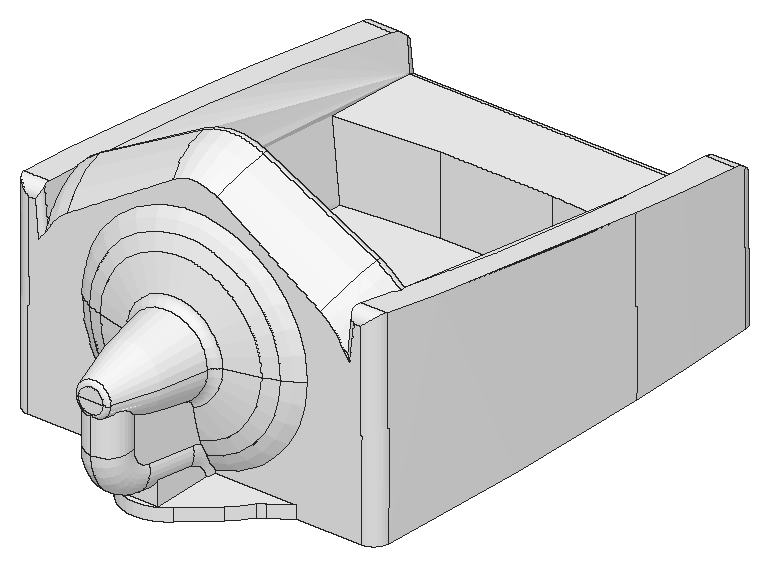
Revit family "xxxUrinal-Blowout-American_Standard-Lynbrook-6601012.020", category Plumbing Fixtures, host Face, Revit 2019
Family settings
  Host = Face
  Round Connector Dimension = Use Diameter
  Part Type = Normal
  OmniClass Number = 23.45.05.21.11.21
  OmniClass Title = Urinals
  Cut with Voids When Loaded = No
  Shared = Yes
  Room Calculation Point = No
Parameters (values of type "6601012.020")
  Width = 18 1/2"
  Waste Connection Diameter = 2"
  Waste Connection = yes
  WFU = 5
  Vent Connection = no
  URL = "https://www.americanstandard-us.com/"
  Type Comments = ""
  Revised Date = "01/04/2022"
  Recommended Working Pressure = "20 psi at valve when flushing and 80 psi static"
  Product Page URL = "https://www.americanstandard-us.com/Top-Spud-Urinals/Lynbrook-10-gpf-38-Lpf-Top-Spud-Blowout-Urinal/WHITE-6601012020"
  Product Documentation Link = "https://americanstandard.box.com/shared/static/tvemtq3ag80hv0noezhc3pn971kzt5qk.pdf"
  Price = "Prices may vary. Please consult Manufacturer Representative for most up-to-date price list."  # constant formula
  Mounting Height Constraint = if(ADA Compliant, 17", if([Mounting Height (Max. 24")] > 24", 24", [Mounting Height (Max. 24")]))  # 17"
  Mounting Height (Max. 24") = 24"
  Model = "6601012.020"
  Material = "Vitreous China-American Standard-020-White"
  Manufacturer = "American Standard"
  Length = 14"
  Installation Type = "Wall Hung"
  Height = 28 3/4"
  HWFU = 0
  HW Connection = no
  Flush Requirement = "0.7 to 1.0 GPF"
  Flush Rate = "1.0 gpf (3.8 Lpf), Low Water Usage"
  Finish = Vitreous China-American Standard-020-White
  Description = "Lynbrook™ 1.0 gpf/3.8 Lpf Top Spud Blowout Urinal"
  Default Elevation = 0"
  Creation Date = "10/21/2014"
  Cold Water Connection Width = 4 3/4"
  Cold Water Connection Height = 11 1/2"
  Cold Water Connection Diameter = 1"
  CWFU = 5
  CW Connection = yes
  Assembly Code = "D2010210"
  ASME A112.19.2M for Vitreous China Fixtures = yes
  ADA Compliant = yes
Reference planes (in)
  plane 1 "Center (Front/Back)": y = 0
  plane 2: z = 0
  plane 3 "Center (Left/Right)": x = 0
  plane 4: y = -2.75
  plane 5: y = 19.75
  plane 6: y = -9
  plane 7: x = 9.25
  plane 8: x = -9.25
  plane 9: x = -8
  plane 10: x = 8
  plane 11: z = 5.25
  plane 12: z = 14
  plane 13: z = 10
  plane 14: y = 15.5
  plane 15: z = 2.5
  plane 16: x = 4.75
  plane 17: y = 31.25
  plane 18: x = -6.625
  plane 19: x = 6.625
  plane 20: y = 0
  plane 21 "A.F.F.": y = -17
Forms (in)
  Extrusion 1, solid, material "Vitreous China-American Standard-020-White" <- "Finish"
    sketch origin (-0.00271, 4.89288, 0) x (0, 1, 0) y (0, 0, 1)
      loop
        line (14.375, 0) -> (14.375, 1.75) -> (11.88109, 1.57561)
        arc (11.88109, 1.57561) -> (4.3999, 1.33502) -> (-3.07818, 1.65812) r 99.38833
        arc (-3.07818, 1.65812) -> (-5.53198, 2.85355) -> (-6.52534, 5.39587) r 3.75
        line (-6.52534, 5.39587) -> (-6.52534, 13.78387) -> (-7.64288, 13.78387) -> (-7.64288, 0) -> (14.375, 0)
    from -7.99729 to 8.00271
  Revolve 2, solid, material "Vitreous China-American Standard-020-White" <- "Finish"
    sketch origin (-0.00271, 5.14288, 6.125) x (1, 0, 0) y (0, 1, 0)
      loop
        arc (-6, -7.16946) -> (-5.41335, -7.92325) -> (-4.61163, -8.4425) r 2.86701
        arc (-4.61163, -8.4425) -> (-4.25393, -8.58932) -> (-3.89121, -8.72325) r 10.81225
        arc (-3.89121, -8.72325) -> (-3.12442, -8.95938) -> (-2.34224, -9.138) r 10.81225
        arc (-2.34224, -9.138) -> (-2.0709, -9.28699) -> (-1.93926, -9.56717) r 0.5
        arc (-1.93926, -9.56717) -> (-1.51865, -11.80897) -> (-0.82836, -13.98293) r 18.70917
        arc (-0.82836, -13.98293) -> (-0.73654, -14.09905) -> (-0.59514, -14.14288) r 0.25
        line (-0.59514, -14.14288) -> (0, -14.14288) -> (0, -7.16946) -> (-6, -7.16946)
      axis (0, -7.16946) -> (0, -14.14288)
    angle from 0 to 360
  Extrusion 3, solid, material "Vitreous China-American Standard-020-White" <- "Finish"
    sketch origin (-0.00271, 5.375, 0) x (0, 1, 0) y (0, 0, 1)
      loop
        line (14.375, 0) -> (14.375, 4.875)
        arc (14.375, 4.875) -> (14.26517, 5.14017) -> (14, 5.25) r 0.375
        line (14, 5.25) -> (9.63453, 5.25) -> (9.63453, 0) -> (14.375, 0)
    from -8.42126 to 8.40405
  Extrusion 4, void
    sketch origin (-0.00271, 4.89288, 0) x (1, 0, 0) y (0, 1, 0)
      loop
        arc (8.00271, 10.11665) -> (5.36633, 10.3871) -> (2.72117, 10.55067) r 65.48928
        arc (2.72117, 10.55067) -> (0.00271, 10.60712) -> (-2.71575, 10.55067) r 65.48928
        arc (-2.71575, 10.55067) -> (-5.36091, 10.3871) -> (-7.99729, 10.11665) r 65.48928
        line (-7.99729, 10.11665) -> (8.00271, 10.11665)
    from 0 to 5.59961
  Sweep 5, solid, material "Vitreous China-American Standard-020-White" <- "Finish"
    path origin (-0.00271, 5.6297, 0.40625) x (0, 1, 0) y (0, 0, 1)
      loop
        line (-13.62946, 5.73897) -> (-13.62946, 3.34606)
        arc (-13.62946, 3.34606) -> (-13.26153, 2.36197) -> (-12.33822, 1.86065) r 1.5
        line (-12.33822, 1.86065) -> (-9.67094, 1.48579)
        arc (-9.67094, 1.48579) -> (-8.74764, 0.98448) -> (-8.3797, 0.00039) r 1.5
        line (-8.3797, 0.00039) -> (-8.3797, -0.90625)
    profile origin (-0.00271, -5.37488, 2.07947) x (0, 0.139173, 0.990268) y (1, 0, 0)
      loop
        circle (0, 0) r 1
  Extrusion 6, void
    sketch origin (-26.6886, 34.67716, -0.1875) x (1, 0, 0) y (0, 0, 1)
      loop
        line (35.56089, 6.25747) -> (35.56089, 15.16261) -> (17.77338, 15.16261) -> (17.77338, 6.25747) -> (18.25178, 6.25747)
        arc (18.25178, 6.25747) -> (19.25493, 8.0547) -> (20.8254, 9.3851) r 5.76613
        line (20.8254, 9.3851) -> (26.0267, 12.38663)
        arc (26.0267, 12.38663) -> (26.6886, 12.56391) -> (27.3505, 12.38663) r 1.32428
        line (27.3505, 12.38663) -> (32.5518, 9.3851)
        arc (32.5518, 9.3851) -> (34.10732, 8.05621) -> (35.08206, 6.25747) r 5.60299
        line (35.08206, 6.25747) -> (35.56089, 6.25747)
    from 12.2684 to 45.58752
  Extrusion 7, void
    sketch origin (0, 0, 0) x (0, 1, 0) y (0, 0, 1)
      loop
        arc (-2.75, 9.42394) -> (-2.55424, 9.85612) -> (-2.10026, 9.99397) r 0.57492
        line (-2.10026, 9.99397) -> (18.66267, 7.26878)
        arc (18.66267, 7.26878) -> (19.43964, 6.85378) -> (19.75, 6.02941) r 1.25
        line (19.75, 6.02941) -> (19.75, 0) -> (19.875, 0) -> (19.875, 14) -> (-5, 14) -> (-5, 0) -> (-2.75, 0) -> (-2.75, 9.42394)
    from 11.38991 to -10.45558
  Blend 8, solid, material "Vitreous China-American Standard-020-White" <- "Finish"
    base sketch origin (-60.04002, -2.54511, -0.00144) x (1, 0, 0) y (0, 1, 0)
      loop
        line (68.57395, 22.29511) -> (67.16351, 22.29511)
        arc (67.16351, 22.29511) -> (66.97985, 22.21472) -> (66.9143, 22.02526) r 0.25
        arc (66.9143, 22.02526) -> (67.27137, 11.04124) -> (66.59618, 0.07217) r 116.98972
        arc (66.59618, 0.07217) -> (66.65861, -0.12183) -> (66.84471, -0.20489) r 0.25
        line (66.84471, -0.20489) -> (68.11077, -0.20489)
        arc (68.11077, -0.20489) -> (68.62097, -0.00462) -> (68.85869, 0.48925) r 0.75
        arc (68.85869, 0.48925) -> (69.22954, 7.72231) -> (69.26278, 14.9648) r 155.30957
        arc (69.26278, 14.9648) -> (69.18341, 18.3895) -> (69.07362, 21.81335) r 385.57674
        arc (69.07362, 21.81335) -> (68.92099, 22.15505) -> (68.57395, 22.29511) r 0.5
    top sketch origin (-60.04002, -2.54511, -0.00144) x (1, 0, 0) y (0, 1, 0)
      loop
        arc (69.02658, 21.81335) -> (68.87396, 22.15505) -> (68.52691, 22.29511) r 0.5
        line (68.52691, 22.29511) -> (68.11961, 22.29511)
        arc (68.11961, 22.29511) -> (67.93601, 22.21478) -> (67.87039, 22.02543) r 0.25
        arc (67.87039, 22.02543) -> (68.22444, 11.04133) -> (67.55498, 0.07194) r 117.98972
        arc (67.55498, 0.07194) -> (67.61751, -0.12191) -> (67.80353, -0.20489) r 0.25
        line (67.80353, -0.20489) -> (68.06374, -0.20489)
        arc (68.06374, -0.20489) -> (68.57393, -0.00462) -> (68.81165, 0.48925) r 0.75
        arc (68.81165, 0.48925) -> (69.1825, 7.72231) -> (69.21574, 14.9648) r 155.30957
        arc (69.21574, 14.9648) -> (69.13637, 18.3895) -> (69.02658, 21.81335) r 385.57674
    from 0.00144 to 10.38715
  Sweep 9, solid, material "Vitreous China-American Standard-020-White" <- "Finish"
    path origin (0, 1.40705, 0.12545) x (1, 0, 0) y (0, -0.104528, 0.994522)
      loop
        line (8.93347, 5.76538) -> (8.72561, 7.50299)
        arc (8.72561, 7.50299) -> (8.06816, 9.29771) -> (6.6768, 10.60821) r 4.15495
        line (6.6768, 10.60821) -> (1.48903, 13.60193)
        arc (1.48903, 13.60193) -> (0, 14.00075) -> (-1.48903, 13.60193) r 2.97914
        line (-1.48903, 13.60193) -> (-6.6768, 10.60821)
        arc (-6.6768, 10.60821) -> (-8.06816, 9.29771) -> (-8.72561, 7.50299) r 4.15495
        line (-8.72561, 7.50299) -> (-8.93347, 5.76538)
    profile origin (4.08292, 0.14172, 12.1642) x (-0.49982, 0.090535, -0.861385) y (0, -0.994522, -0.104528)
      loop
        line (1.82435, 3.66886) -> (1.57064, 3.6535)
        arc (1.57064, 3.6535) -> (0.48772, 2.17709) -> (0.01269, 0.40881) r 4.97153
        arc (0.01269, 0.40881) -> (0.10183, 0.13586) -> (0.3579, 0.00597) r 0.375
        arc (0.3579, 0.00597) -> (0.6255, 0.00525) -> (0.89029, 0.04392) r 1.81337
        arc (0.89029, 0.04392) -> (1.07757, 0.14839) -> (1.17698, 0.33842) r 0.375
        line (1.17698, 0.33842) -> (1.82435, 3.66886)
  Blend 10, void
    base sketch origin (0, 0, 0) x (1, 0, 0) y (0, 0, 1)
      loop
        arc (1.25985, 7.45341) -> (-0.00001, 8.58482) -> (-1.2613, 7.455) r 1.26805
        line (-1.2613, 7.455) -> (-1.42606, 5.95263)
        arc (-1.42606, 5.95263) -> (-1.30136, 5.5644) -> (-0.92904, 5.39813) r 0.5
        line (-0.92904, 5.39813) -> (0.92549, 5.39813)
        arc (0.92549, 5.39813) -> (1.29761, 5.56416) -> (1.42258, 5.952) r 0.5
        line (1.42258, 5.952) -> (1.25985, 7.45341)
    top sketch origin (0, 0, 0) x (1, 0, 0) y (0, 0, 1)
      loop
        circle (-0.00081, 7.31677) r 1
    from 1.63245 to 3.72931
  Extrusion 11, solid, material "Vitreous China-American Standard-020-White" <- "Finish"
    sketch origin (0, 0, 0) x (1, 0, 0) y (0, 1, 0)
      loop
        arc (-5.50483, -2.02657) -> (-4.8226, -2.81874) -> (-3.95522, -3.40237) r 3.91925
        arc (-3.95522, -3.40237) -> (-3.80678, -3.50288) -> (-3.69099, -3.63972) r 0.65785
        arc (-3.69099, -3.63972) -> (-3.3291, -4.11103) -> (-2.88929, -4.51061) r 3.33421
        arc (-2.88929, -4.51061) -> (-2.14052, -5.12557) -> (-1.44235, -5.79743) r 12.32999
        arc (-1.44235, -5.79743) -> (0, -6.41193) -> (1.44235, -5.79743) r 2
        arc (1.44235, -5.79743) -> (2.14052, -5.12557) -> (2.88929, -4.51061) r 12.32999
        arc (2.88929, -4.51061) -> (3.3291, -4.11103) -> (3.69099, -3.63972) r 3.33421
        arc (3.69099, -3.63972) -> (3.80678, -3.50288) -> (3.95522, -3.40237) r 0.65785
        arc (3.95522, -3.40237) -> (4.7802, -2.85584) -> (5.44199, -2.1201) r 3.91925
        arc (5.44199, -2.1201) -> (5.47414, -2.07342) -> (5.50604, -2.02657) r 10.29664
        line (5.50604, -2.02657) -> (-5.50483, -2.02657)
    from 0 to 0.60584
  Extrusion 12, solid, material "Vitreous China-American Standard-020-White" <- "Finish"
    sketch origin (0.2696, 4.89288, -0.34375) x (0, 1, 0) y (0, 0, 1)
      loop
        line (-10.99231, 0.34375) -> (-7.51986, 0.34375) -> (-7.51986, 7.59271) -> (-12.89265, 6.20117) -> (-12.89265, 3.91731) -> (-10.99231, 2.26537) -> (-10.99231, 0.34375)
    from -1.1696 to 0.6304
  Revolve 13, solid, material "Vitreous China-American Standard-020-White" <- "Finish"
    sketch origin (2.17692, 5.375, 2.5) x (0, 1, 0) y (-1, 0, 0)
      loop
        line (15.529, 1.55192) -> (14.375, 1.55192) -> (14.375, 1.05192) -> (14.5, 1.05192) -> (14.5, 1.17692) -> (14.654, 1.17692)
        arc (14.654, 1.17692) -> (14.74239, 1.21353) -> (14.779, 1.30192) r 0.125
        line (14.779, 1.30192) -> (14.779, 1.45592) -> (15.529, 1.45592) -> (15.529, 1.55192)
      axis (15.529, 2.17692) -> (14.375, 2.17692)
    angle from 0 to 360
  Extrusion 14, solid, material "Vitreous China-American Standard-020-White" <- "Finish", not visible
    sketch origin (0, 0, 0) x (1, 0, 0) y (0, 1, 0)
      loop
        circle (4.75, 31.25) r 0.5
    from 0 to 0.032
  Extrusion 15, void
    sketch origin (0, 0, 0) x (0, 1, 0) y (0, 0, 1)
      loop
        line (-2.75, 14) -> (-4, 14) -> (-4, 0) -> (-2.75, 0) -> (-2.75, 14)
    from -10.45558 to 11.38991
  Blend 16, solid, material "Vitreous China-American Standard-020-White" <- "Finish"
    base sketch origin (60.04002, -2.54511, -0.00144) x (-1, 0, 0) y (0, -1, 0)
      loop
        arc (68.57395, -22.29511) -> (68.92099, -22.15505) -> (69.07362, -21.81335) r 0.5
        arc (69.07362, -21.81335) -> (69.18341, -18.3895) -> (69.26278, -14.9648) r 385.57674
        arc (69.26278, -14.9648) -> (69.22954, -7.72231) -> (68.85869, -0.48925) r 155.30957
        arc (68.85869, -0.48925) -> (68.62097, 0.00462) -> (68.11077, 0.20489) r 0.75
        line (68.11077, 0.20489) -> (66.84471, 0.20489)
        arc (66.84471, 0.20489) -> (66.65861, 0.12183) -> (66.59618, -0.07217) r 0.25
        arc (66.59618, -0.07217) -> (67.27137, -11.04124) -> (66.9143, -22.02526) r 116.98972
        arc (66.9143, -22.02526) -> (66.97985, -22.21472) -> (67.16351, -22.29511) r 0.25
        line (67.16351, -22.29511) -> (68.57395, -22.29511)
    top sketch origin (60.04002, -2.54511, -0.00144) x (-1, 0, 0) y (0, -1, 0)
      loop
        arc (69.02658, -21.81335) -> (69.13637, -18.3895) -> (69.21574, -14.9648) r 385.57674
        arc (69.21574, -14.9648) -> (69.1825, -7.72231) -> (68.81165, -0.48925) r 155.30957
        arc (68.81165, -0.48925) -> (68.57393, 0.00462) -> (68.06374, 0.20489) r 0.75
        line (68.06374, 0.20489) -> (67.80353, 0.20489)
        arc (67.80353, 0.20489) -> (67.61751, 0.12191) -> (67.55498, -0.07194) r 0.25
        arc (67.55498, -0.07194) -> (68.22444, -11.04133) -> (67.87039, -22.02543) r 117.98972
        arc (67.87039, -22.02543) -> (67.93601, -22.21478) -> (68.11961, -22.29511) r 0.25
        line (68.11961, -22.29511) -> (68.52691, -22.29511)
        arc (68.52691, -22.29511) -> (68.87396, -22.15505) -> (69.02658, -21.81335) r 0.5
    from 0.00144 to 10.38715
Cuts and joins
  Extrusion 6, Blend 10 cuts Extrusion 1
  Blend 10 cuts Revolve 2
  Extrusion 4 cuts Extrusion 3
  Extrusion 7 cuts Blend 8
  Extrusion 15 cuts Sweep 9
  Blend 10 cuts Extrusion 12
  Extrusion 7 cuts Blend 16
  joined: Extrusion 1, Revolve 2, Extrusion 3, Sweep 5, Blend 8, Sweep 9, Extrusion 11, Extrusion 12, Blend 16
Lines and regions (in)
  Masking region 1
    outline origin (0, 0, 0) x (1, 0, 0) y (0, 0, 1)
      loop
        line (1.48366, 13.60866) -> (6.77255, 10.56618)
        arc (6.77255, 10.56618) -> (7.16216, 10.30475) -> (7.5189, 10) r 4.04854
        line (7.5189, 10) -> (8.8045, 10)
        spline (8.8045, 10) -> (8.87563, 9.87164) -> (8.94058, 9.74322) -> (8.99935, 9.61475) -> (9.05195, 9.48623) -> (9.09836, 9.35767) -> (9.13859, 9.22908) -> (9.17263, 9.10046) -> (9.20048, 8.97181) -> (9.22214, 8.84315) -> (9.23762, 8.71446) -> (9.2469, 8.58577) -> (9.25, 8.45708)
        line (9.25, 8.45708) -> (9.25, 0) -> (-9.25, 0) -> (-9.25, 8.47001)
        spline (-9.25, 8.47001) -> (-9.24696, 8.59762) -> (-9.23783, 8.72524) -> (-9.22261, 8.85284) -> (-9.2013, 8.98042) -> (-9.17391, 9.10799) -> (-9.14044, 9.23553) -> (-9.10088, 9.36305) -> (-9.05524, 9.49053) -> (-9.00353, 9.61797) -> (-8.94573, 9.74536) -> (-8.88186, 9.87271) -> (-8.81191, 10)
        line (-8.81191, 10) -> (-7.5189, 10)
        arc (-7.5189, 10) -> (-7.16216, 10.30475) -> (-6.77255, 10.56618) r 4.04854
        line (-6.77255, 10.56618) -> (-1.48366, 13.60866)
      loop
        arc (1.48145, 13.60482) -> (-0.00128, 14.00052) -> (-1.48366, 13.60354) r 2.97098
  symbolic lines, detail levels medium+fine
    curve 1: line (7.36731, 0, 5.25) -> (-7.36731, 0, 5.25)
    curve 2: arc (7.18074, 0, 7.16449) -> (6.79335, 0, 8.29928) -> (5.93937, 0, 9.14103) r 2.60954
    curve 3: line (7.24524, 0, 6.511) -> (7.18087, 0, 7.1645)
    curve 4: line (7.24524, 0, 6.511) -> (7.12891, 0, 5.25)
    curve 5: line (5.93937, 0, 9.14103) -> (5.20558, 0, 9.57709)
    curve 6: line (0.6619, 0, 12.19913) -> (5.20558, 0, 9.57709)
    curve 7: arc (-0.6619, 0, 12.19913) -> (0, 0, 12.37641) -> (0.6619, 0, 12.19913) r 1.32428
    curve 8: line (-5.20558, 0, 9.57709) -> (-0.6619, 0, 12.19913)
    curve 9: line (-5.20558, 0, 9.57709) -> (-5.93937, 0, 9.14103)
    curve 10: arc (-5.93937, 0, 9.14103) -> (-6.79335, 0, 8.29928) -> (-7.18074, 0, 7.16449) r 2.60954
    curve 11: line (-7.18087, 0, 7.1645) -> (-7.26011, 0, 6.36)
    curve 12: line (-7.15269, 0, 5.25) -> (-7.26011, 0, 6.36)
    curve 13: line (-0.92904, 0, 5.39813) -> (0.92549, 0, 5.39813)
    curve 14: arc (0.92549, 0, 5.39813) -> (1.29761, 0, 5.56416) -> (1.42258, 0, 5.952) r 0.5
    curve 15: line (1.42258, 0, 5.952) -> (1.25985, 0, 7.45341)
    curve 16: arc (1.25985, 0, 7.45341) -> (-0.00001, 0, 8.58482) -> (-1.2613, 0, 7.455) r 1.26805
    curve 17: line (-1.2613, 0, 7.455) -> (-1.42606, 0, 5.95263)
    curve 18: arc (-1.42606, 0, 5.95263) -> (-1.30136, 0, 5.5644) -> (-0.92904, 0, 5.39813) r 0.5
    curve 19: spline (7.71241, 0, 9.68576) -> (7.69804, 0, 9.71146) -> (7.68335, 0, 9.73716) -> (7.66833, 0, 9.76286) -> (7.65298, 0, 9.78855) -> (7.63731, 0, 9.81424) -> (7.62131, 0, 9.83993) -> (7.60498, 0, 9.86561) -> (7.58833, 0, 9.89129) -> (7.57135, 0, 9.91697) -> (7.55405, 0, 9.94264) -> (7.53642, 0, 9.96831) -> (7.51846, 0, 9.99397)
    curve 20: spline (7.60531, 0, 7.26878) -> (7.72428, 0, 7.46981) -> (7.82327, 0, 7.67101) -> (7.90227, 0, 7.87237) -> (7.96126, 0, 8.07384) -> (8.00023, 0, 8.2754) -> (8.01917, 0, 8.477) -> (8.01809, 0, 8.67862) -> (7.99699, 0, 8.88022) -> (7.95586, 0, 9.08177) -> (7.89471, 0, 9.28323) -> (7.81356, 0, 9.48457) -> (7.71241, 0, 9.68576)
    curve 21: spline (7.50074, 0, 6.80502) -> (7.51058, 0, 6.86629) -> (7.52034, 0, 6.92411) -> (7.52998, 0, 6.97825) -> (7.53947, 0, 7.02848) -> (7.54877, 0, 7.0746) -> (7.55783, 0, 7.11642) -> (7.56662, 0, 7.15377) -> (7.5751, 0, 7.1865) -> (7.58324, 0, 7.21448) -> (7.59101, 0, 7.23758) -> (7.59838, 0, 7.25572) -> (7.60531, 0, 7.26882)
    curve 22: line (7.50074, 0, 6.80502) -> (7.36731, 0, 5.25)
    curve 33: spline (-7.71241, 0, 9.68576) -> (-7.69804, 0, 9.71146) -> (-7.68335, 0, 9.73716) -> (-7.66833, 0, 9.76286) -> (-7.65298, 0, 9.78855) -> (-7.63731, 0, 9.81424) -> (-7.62131, 0, 9.83993) -> (-7.60498, 0, 9.86561) -> (-7.58833, 0, 9.89129) -> (-7.57135, 0, 9.91697) -> (-7.55405, 0, 9.94264) -> (-7.53642, 0, 9.96831) -> (-7.51846, 0, 9.99397)
    curve 34: spline (-7.60531, 0, 7.26878) -> (-7.72428, 0, 7.46981) -> (-7.82327, 0, 7.67101) -> (-7.90227, 0, 7.87237) -> (-7.96126, 0, 8.07384) -> (-8.00023, 0, 8.2754) -> (-8.01917, 0, 8.477) -> (-8.01809, 0, 8.67862) -> (-7.99699, 0, 8.88022) -> (-7.95586, 0, 9.08177) -> (-7.89471, 0, 9.28323) -> (-7.81356, 0, 9.48457) -> (-7.71241, 0, 9.68576)
    curve 35: spline (-7.50074, 0, 6.80502) -> (-7.51058, 0, 6.86629) -> (-7.52034, 0, 6.92411) -> (-7.52998, 0, 6.97825) -> (-7.53947, 0, 7.02848) -> (-7.54877, 0, 7.0746) -> (-7.55783, 0, 7.11642) -> (-7.56662, 0, 7.15377) -> (-7.5751, 0, 7.1865) -> (-7.58324, 0, 7.21448) -> (-7.59101, 0, 7.23758) -> (-7.59838, 0, 7.25572) -> (-7.60531, 0, 7.26882)
    curve 36: line (-7.50074, 0, 6.80502) -> (-7.36731, 0, 5.25)
  symbolic lines, detail levels fine
    curve 23: arc (7.66076, 0, 7.35829) -> (7.17638, 0, 8.62783) -> (6.19689, 0, 9.56962) r 3.10954
    curve 24: line (6.19689, 0, 9.56962) -> (5.45826, 0, 10.00856)
    curve 25: line (0.91181, 0, 12.63219) -> (5.45826, 0, 10.00856)
    curve 26: arc (-0.91181, 0, 12.63219) -> (0, 0, 12.87641) -> (0.91181, 0, 12.63219) r 1.82428
    curve 27: spline (7.69263, 0, 9.29888) -> (7.69577, 0, 9.33482) -> (7.69866, 0, 9.37041) -> (7.70129, 0, 9.40556) -> (7.70366, 0, 9.44016) -> (7.70575, 0, 9.47413) -> (7.70757, 0, 9.50737) -> (7.7091, 0, 9.53977) -> (7.71035, 0, 9.57126) -> (7.71131, 0, 9.60175) -> (7.71197, 0, 9.63114) -> (7.71234, 0, 9.65936) -> (7.71241, 0, 9.68632)
    curve 28: spline (7.69263, 0, 9.29888) -> (7.68597, 0, 9.22018) -> (7.67927, 0, 9.14135) -> (7.67253, 0, 9.0624) -> (7.66575, 0, 8.98335) -> (7.65893, 0, 8.9042) -> (7.65207, 0, 8.82498) -> (7.64518, 0, 8.74569) -> (7.63826, 0, 8.66635) -> (7.6313, 0, 8.58697) -> (7.6243, 0, 8.50757) -> (7.61728, 0, 8.42815) -> (7.61023, 0, 8.34874)
    curve 29: line (7.61023, 0, 8.34874) -> (7.55074, 0, 7.84129)
    curve 30: spline (9.25, 0, 8.29022) -> (9.24028, 0, 8.20508) -> (9.22947, 0, 8.11995) -> (9.21757, 0, 8.03482) -> (9.20457, 0, 7.94969) -> (9.19049, 0, 7.86456) -> (9.17531, 0, 7.77944) -> (9.15905, 0, 7.69432) -> (9.14169, 0, 7.6092) -> (9.12324, 0, 7.52409) -> (9.1037, 0, 7.43898) -> (9.08306, 0, 7.35388) -> (9.06134, 0, 7.26878)
    curve 31: line (9.06133, 0, 7.26878) -> (9.06133, 0, 0)
    curve 32: line (9.06133, 0, 7.26878) -> (7.60531, 0, 7.26878)
    curve 37: arc (-7.66076, 0, 7.35829) -> (-7.17638, 0, 8.62783) -> (-6.19689, 0, 9.56962) r 3.10954
    curve 38: line (-6.19689, 0, 9.56962) -> (-5.45826, 0, 10.00856)
    curve 39: line (-0.91181, 0, 12.63219) -> (-5.45826, 0, 10.00856)
    curve 40: spline (-7.69263, 0, 9.29888) -> (-7.69577, 0, 9.33482) -> (-7.69866, 0, 9.37041) -> (-7.70129, 0, 9.40556) -> (-7.70366, 0, 9.44016) -> (-7.70575, 0, 9.47413) -> (-7.70757, 0, 9.50737) -> (-7.7091, 0, 9.53977) -> (-7.71035, 0, 9.57126) -> (-7.71131, 0, 9.60175) -> (-7.71197, 0, 9.63114) -> (-7.71234, 0, 9.65936) -> (-7.71241, 0, 9.68632)
    curve 41: spline (-7.69263, 0, 9.29888) -> (-7.68597, 0, 9.22018) -> (-7.67927, 0, 9.14135) -> (-7.67253, 0, 9.0624) -> (-7.66575, 0, 8.98335) -> (-7.65893, 0, 8.9042) -> (-7.65207, 0, 8.82498) -> (-7.64518, 0, 8.74569) -> (-7.63826, 0, 8.66635) -> (-7.6313, 0, 8.58697) -> (-7.6243, 0, 8.50757) -> (-7.61728, 0, 8.42815) -> (-7.61023, 0, 8.34874)
    curve 42: line (-7.61023, 0, 8.34874) -> (-7.55074, 0, 7.84129)
    curve 43: spline (-9.25, 0, 8.29022) -> (-9.24028, 0, 8.20508) -> (-9.22947, 0, 8.11995) -> (-9.21757, 0, 8.03482) -> (-9.20457, 0, 7.94969) -> (-9.19049, 0, 7.86456) -> (-9.17531, 0, 7.77944) -> (-9.15905, 0, 7.69432) -> (-9.14169, 0, 7.6092) -> (-9.12324, 0, 7.52409) -> (-9.1037, 0, 7.43898) -> (-9.08306, 0, 7.35388) -> (-9.06134, 0, 7.26878)
    curve 44: line (-9.06133, 0, 7.26878) -> (-9.06133, 0, 0)
    curve 45: line (-9.06133, 0, 7.26878) -> (-7.60531, 0, 7.26878)
Dimensions and locks (in)
  plane 1 "Center (Front/Back)" to plane 5 = 19 3/4"
  "Height": plane 6 to plane 5
  plane 13 to level = 10"
  "Length": level to plane 12
  level to plane 15 = 2 1/2"
  "Width": plane 8 to plane 7
  "Cold Water Connection Width": plane 3 "Center (Left/Right)" to plane 16
  "Cold Water Connection Height": plane 17 to plane 5
  plane 4 to plane 14 = 18 1/4"
  plane 4 to plane 1 "Center (Front/Back)" = 2 3/4"
  locked: level to Sweep 5 at 0.5
  "Mounting Height Constraint": plane 20 to plane 21 "A.F.F."
  "Cold Water Connection Diameter": diameter of Extrusion 14 sketch curve
  aligned and locked: plane 2 to host face
  aligned and locked: level to host face
  aligned and locked: plane 16 to Extrusion 14 sketch curve
  aligned and locked: plane 17 to Extrusion 14 sketch curve
  aligned and locked: plane 7 to Masking region 1 sketch curve
  aligned and locked: plane 13 to Masking region 1 sketch curve
  aligned and locked: plane 8 to Masking region 1 sketch curve
  aligned and locked: host face to Masking region 1 sketch curve
  aligned and locked: plane 20 to plane 1 "Center (Front/Back)"
Automatic sketch dimensions
  curve 2 to curve 23 = 0"  (x2)
  curve 7 to curve 26 = 0"  (x2)
  curve 10 to curve 37 = 0"  (x2)
  curve 43 to plane 8 = 0"
  curve 44 to level = 0"
  curve 1 to plane 11 = 0"
  curve 7 to plane 3 "Center (Left/Right)" = 0"
  curve 31 to level = 0"
  curve 30 to plane 7 = 0"
  plane 8 to curve 45 = 0.18867"
  plane 9 to curve 42 = 0.38977"
  plane 9 to curve 45 = 0.39469"
  curve 34 to curve 36 = 0.10457"
  plane 9 to curve 1 = 0.63269"
  curve 36 to curve 11 = 0.24063"
  curve 1 to curve 12 = 0.21462"
  plane 18 to curve 38 = 0.42811"
  curve 37 to curve 9 = 0.25752"
  curve 38 to plane 13 = 0.00856"
  curve 38 to curve 38 = 0.73863"
  plane 13 to curve 9 = 0.42291"
  curve 38 to curve 9 = 0.25268"
  plane 18 to curve 37 = 2.0415"
  curve 17 to plane 11 = 0.70263"
  curve 17 to plane 3 "Center (Left/Right)" = 1.42606"
  curve 17 to plane 3 "Center (Left/Right)" = 1.2613"
  curve 13 to plane 11 = 0.14813"
  curve 18 to curve 13 = 0.49702"
  curve 39 to plane 3 "Center (Left/Right)" = 0.91181"
  curve 39 to curve 8 = 0.24991"
  curve 16 to plane 3 "Center (Left/Right)" = 0.00081"
  plane 3 "Center (Left/Right)" to curve 6 = 0.6619"
  curve 7 to curve 25 = 0.24991"
  curve 14 to plane 11 = 0.64813"
  plane 3 "Center (Left/Right)" to curve 14 = 0.92549"
  plane 3 "Center (Left/Right)" to curve 15 = 1.25985"
  curve 15 to plane 11 = 0.702"
  curve 2 to plane 16 = 0.1665"
  plane 16 to curve 6 = 0.45558"
  curve 24 to plane 13 = 0.00856"
  curve 5 to curve 24 = 0.25268"
  curve 5 to plane 19 = 0.68563"
  curve 24 to plane 19 = 0.42811"
  plane 19 to curve 4 = 0.62024"
  curve 1 to plane 10 = 0.63269"
  curve 3 to curve 22 = 0.2555"
  curve 32 to plane 10 = 0.39469"
  curve 29 to plane 10 = 0.38977"
  curve 32 to plane 7 = 0.18867"
  curve 12 to plane 11 = 1.11"
  curve 3 to plane 11 = 1.261"
  curve 3 to curve 22 = 0.29402"
  curve 11 to curve 36 = 0.44502"
  curve 2 to plane 11 = 1.66138"
  curve 37 to plane 11 = 1.66138"
  curve 35 to curve 45 = 0.46377"
  curve 21 to curve 31 = 0.46377"
  curve 14 to curve 16 = 1.41864"
  curve 16 to curve 15 = 0.13664"
  curve 45 to curve 42 = 1.07996"
  curve 20 to curve 29 = 1.07996"
  curve 9 to curve 9 = 0.43607"
  plane 13 to curve 5 = 0.85897"
  plane 13 to curve 24 = 0.43038"
  plane 13 to curve 38 = 0.43038"
  plane 13 to curve 5 = 0.42291"
  curve 7 to plane 13 = 1.05213"
  curve 7 to curve 6 = 1.147"
  curve 7 to curve 25 = 0.43306"
  curve 43 to plane 8 = 0.03855"
  plane 13 to curve 20 = 1.43306"
  curve 20 to curve 43 = 102.53921"
  curve 19 to curve 20 = 0.00376"
  plane 13 to curve 30 = 0.99415"
  curve 30 to curve 19 = 271.07358"
  curve 43 to curve 44 = 0"  (x2)
  curve 34 to plane 9 = 0.02117"
  curve 34 to curve 33 = 0"
  plane 9 to curve 41 = 0.01986"
  plane 9 to curve 40 = 0.28759"
  curve 40 to curve 34 = 0"
  plane 9 to curve 41 = 0.30737"
  plane 13 to curve 40 = 0.10104"
  curve 40 to curve 40 = 0.0329"
  curve 37 to curve 45 = 0.05545"
  curve 35 to curve 45 = 0.01341"
  curve 41 to curve 40 = 0.08598"
  curve 45 to curve 35 = 0"
  plane 9 to curve 42 = 0.44926"
  plane 13 to curve 33 = 0.00603"
  curve 40 to curve 33 = 0.16105"
  curve 35 to curve 11 = 0.23164"
  curve 42 to curve 41 = 0.16974"
  curve 34 to curve 11 = 0.42444"
  curve 11 to curve 10 = 0.00013"
  curve 4 to curve 1 = 0.2384"
  curve 2 to curve 32 = 0.42457"
  curve 2 to curve 3 = 0.00013"
  curve 28 to curve 28 = 0.16974"
  curve 21 to plane 10 = 0.50825"
  plane 13 to curve 19 = 0.00603"
  curve 24 to curve 19 = 1.32157"
  curve 29 to plane 10 = 0.44926"
  curve 21 to curve 32 = 0"
  curve 27 to plane 10 = 0.39335"
  curve 21 to curve 21 = 0.01341"
  curve 21 to curve 23 = 0.04205"
  plane 13 to curve 27 = 0.10104"
  curve 19 to curve 27 = 0.16105"
  curve 27 to curve 28 = 0.08598"
  curve 27 to curve 20 = 0.0329"
  curve 19 to curve 27 = 0"
  curve 28 to plane 10 = 0.01986"
  curve 19 to curve 20 = 0"
  curve 31 to curve 30 = 0"
  curve 30 to curve 30 = 0.03855"
  curve 30 to curve 34 = 102.53921"
  curve 34 to curve 33 = 0.00376"
  plane 13 to curve 43 = 0.99415"
  curve 33 to curve 43 = 271.07358"
  curve 21 to curve 3 = 125/256"
  curve 35 to curve 11 = 0.3373"
  curve 2 to curve 3 = 0"
  curve 10 to curve 11 = 0"
  curve 30 to curve 31 = 0"
  curve 42 to curve 41 = 0.09594"
  curve 28 to curve 28 = 0.09594"
  host sketch curve to host sketch curve = 96"
  host sketch curve to host sketch curve = 78.91849"
  Extrusion 1 sketch curve to level = 0"
  Extrusion 1 sketch curve to plane 4 = 0"
  plane 12 to Extrusion 1 sketch curve = 0.21613"
  Extrusion 1 sketch curve to Extrusion 1 sketch curve = 1.11755"
  Extrusion 1 sketch curve to plane 11 = 0.14587"
  Extrusion 1 sketch curve to plane 1 "Center (Front/Back)" = 2.11755"
  plane 14 to Extrusion 1 sketch curve = 5.65901"
  Extrusion 1 sketch curve to plane 14 = 1.27397"
  plane 5 to Extrusion 1 sketch curve = 0.48212"
  plane 15 to Extrusion 1 sketch curve = 0.92439"
  plane 15 to Extrusion 1 sketch curve = 3/4"
  Extrusion 1 sketch curve to plane 12 = 86.72183"
  Revolve 2 sketch curve to Revolve 2 sketch curve = 0"  (x5)
  plane 6 to Revolve 2 sketch curve = 0"
  plane 18 to Revolve 2 sketch curve = 0.62229"
  plane 1 "Center (Front/Back)" to Revolve 2 sketch curve = 0.66722"
  Revolve 2 sketch curve to Revolve 2 sketch curve = 2.52426"
  Revolve 2 sketch curve to plane 3 "Center (Left/Right)" = 2.4381"
  Revolve 2 sketch curve to plane 3 "Center (Left/Right)" = 0.59784"
  Revolve 2 sketch curve to plane 3 "Center (Left/Right)" = 0.33059"
  Revolve 2 sketch curve to plane 3 "Center (Left/Right)" = 0.00271"  (x2)
  Revolve 2 sketch curve to plane 4 = 0.64849"
  plane 7 to Revolve 2 sketch curve = 7.37245"
  Revolve 2 sketch curve to Revolve 2 sketch curve = 1/4"
  plane 4 to Revolve 2 sketch curve = 1.73636"
  Revolve 2 sketch curve to plane 4 = 0.72343"
  Revolve 2 sketch curve to plane 1 "Center (Front/Back)" = 6.62784"
  Revolve 2 sketch curve to Revolve 2 sketch curve = 0.72042"
  Revolve 2 sketch curve to plane 4 = 0.09097"
  Revolve 2 sketch curve to Revolve 2 sketch curve = 0.86755"
  Extrusion 3 sketch curve to level = 0"
  plane 11 to Extrusion 3 sketch curve = 0"
  Extrusion 3 sketch curve to plane 5 = 0"
  plane 5 to Extrusion 3 sketch curve = 3/8"
  plane 14 to Extrusion 3 sketch curve = 0.49047"
  Extrusion 4 sketch curve to Extrusion 4 sketch curve = 0"  (x7)
  Extrusion 4 sketch curve to plane 9 = 0"
  Extrusion 4 sketch curve to plane 3 "Center (Left/Right)" = 0"
  plane 14 to Extrusion 4 sketch curve = 0.49047"
  plane 14 to Extrusion 4 sketch curve = 0.05645"  (x2)
  Sweep 5 sketch curve to plane 4 = 0"
  plane 15 to Sweep 5 sketch curve = 0.60796"
  plane 4 to Sweep 5 sketch curve = 1.29124"
  level to Sweep 5 sketch curve = 0.40664"
  Sweep 5 sketch curve to plane 6 = 2.50024"
  plane 15 to Sweep 5 sketch curve = 0.2331"
  Sweep 5 sketch curve to Sweep 5 sketch curve = 0.20876"
  Sweep 5 sketch curve to plane 6 = 1.00024"
  Sweep 5 sketch curve to level = 1/2"
  Sweep 5 sketch curve to plane 11 = 0.89522"
  Sweep 5 sketch curve to profile plane = 0"  (x2)
  Extrusion 6 sketch curve to plane 3 "Center (Left/Right)" = 0"
  Extrusion 6 sketch curve to plane 3 "Center (Left/Right)" = 0.6619"
  plane 11 to Extrusion 6 sketch curve = 1.04661"
  Extrusion 6 sketch curve to plane 3 "Center (Left/Right)" = 2.98118"
  plane 18 to Extrusion 6 sketch curve = 0.7618"
  Extrusion 6 sketch curve to plane 9 = 0.43682"
  plane 8 to Extrusion 6 sketch curve = 0.33478"
  plane 3 "Center (Left/Right)" to Extrusion 6 sketch curve = 0.6619"
  Extrusion 6 sketch curve to plane 16 = 1.68729"
  Extrusion 6 sketch curve to plane 19 = 0.7618"
  plane 10 to Extrusion 6 sketch curve = 0.39346"
  Extrusion 6 sketch curve to plane 7 = 0.37771"
  plane 11 to Extrusion 6 sketch curve = 0.90532"
  Extrusion 6 sketch curve to plane 11 = 0.81997"  (x2)
  Extrusion 6 sketch curve to plane 13 = 1.05213"
  Extrusion 6 sketch curve to Extrusion 6 sketch curve = 1.147"
  Extrusion 6 sketch curve to plane 12 = 0.97511"
  Extrusion 7 sketch curve to level = 0"  (x2)
  plane 12 to Extrusion 7 sketch curve = 0"
  Extrusion 7 sketch curve to plane 4 = 0"
  Extrusion 7 sketch curve to plane 5 = 0"
  plane 4 to Extrusion 7 sketch curve = 2 1/4"
  Extrusion 7 sketch curve to Extrusion 7 sketch curve = 0.57492"
  plane 13 to Extrusion 7 sketch curve = 0.00603"
  Extrusion 7 sketch curve to Extrusion 7 sketch curve = 0.07482"
  Extrusion 7 sketch curve to Extrusion 7 sketch curve = 1 1/4"
  plane 5 to Extrusion 7 sketch curve = 1.08733"
  Extrusion 7 sketch curve to plane 5 = 1/8"
  Extrusion 7 sketch curve to plane 11 = 0.77941"
  plane 4 to Blend 8 sketch curve = 0"  (x2)
  plane 5 to Blend 8 sketch curve = 0"  (x2)
  Blend 8 sketch curve to plane 1 "Center (Front/Back)" = 5.19859"  (x2)
  Blend 8 sketch curve to plane 8 = 367.03636"
  plane 14 to Blend 8 sketch curve = 5.98896"  (x2)
  Blend 8 sketch curve to plane 8 = 136.80957"
  plane 14 to Blend 8 sketch curve = 5.30876"  (x2)
  Blend 8 sketch curve to Blend 8 sketch curve = 36.31348"  (x2)
  plane 19 to Blend 8 sketch curve = 23/128"
  plane 19 to Blend 8 sketch curve = 0.49849"
  plane 10 to Blend 8 sketch curve = 0.07075"
  plane 10 to Blend 8 sketch curve = 0.53393"
  Blend 8 sketch curve to plane 4 = 1/4"
  Blend 8 sketch curve to plane 4 = 3/4"
  plane 5 to Blend 8 sketch curve = 1/2"  (x2)
  Blend 8 sketch curve to Blend 8 sketch curve = 1/4"  (x2)
  Blend 8 sketch curve to Blend 8 sketch curve = 0"  (x6)
  Blend 8 sketch curve to plane 8 = 367.08339"
  Blend 8 sketch curve to plane 8 = 136.8566"
  Blend 8 sketch curve to plane 10 = 0.23648"
  plane 10 to Blend 8 sketch curve = 0.02372"
  plane 10 to Blend 8 sketch curve = 0.0796"
  Blend 8 sketch curve to Blend 8 sketch curve = 0.4073"
  Blend 8 sketch curve to Blend 8 sketch curve = 1/2"
  plane 5 to Blend 8 sketch curve = 1/4"
  Sweep 9 sketch curve to plane 3 "Center (Left/Right)" = 0"
  Sweep 9 sketch curve to plane 3 "Center (Left/Right)" = 1.48903"
  plane 18 to Sweep 9 sketch curve = 2.02492"
  Sweep 9 sketch curve to plane 18 = 0.0518"
  plane 8 to Sweep 9 sketch curve = 0.52439"
  plane 3 "Center (Left/Right)" to Sweep 9 sketch curve = 1.48903"
  Sweep 9 sketch curve to plane 16 = 0.14992"
  plane 19 to Sweep 9 sketch curve = 0.0518"
  Sweep 9 sketch curve to plane 7 = 0.52439"
  Sweep 9 sketch curve to Sweep 9 sketch curve = 0"  (x2)
  Sweep 9 sketch curve to Sweep 9 sketch curve = 0.49351"  (x2)
  Sweep 9 sketch curve to Sweep 9 sketch curve = 4.01213"
  Sweep 9 sketch curve to Sweep 9 sketch curve = 2.58032"
  plane 8 to Sweep 9 sketch curve = 0.31653"
  Sweep 9 sketch curve to plane 7 = 0.31653"
  Sweep 9 sketch curve to Sweep 9 sketch curve = 1.73761"  (x2)
  Sweep 9 sketch curve to profile plane = 0.38658"
  Sweep 9 sketch curve to profile plane = 0.49657"
  Sweep 9 sketch curve to Sweep 9 sketch curve = 0.42229"
  profile plane to Sweep 9 sketch curve = 0.33842"
  Sweep 9 sketch curve to Sweep 9 sketch curve = 0.36811"
  Sweep 9 sketch curve to profile plane = 1.57064"
  Sweep 9 sketch curve to Sweep 9 sketch curve = 0.25371"
  profile plane to Sweep 9 sketch curve = 0.0252"
  Sweep 9 sketch curve to Sweep 9 sketch curve = 3.79243"
  profile plane to Sweep 9 sketch curve = 0.37987"
  Sweep 9 sketch curve to Sweep 9 sketch curve = 0.07155"
  Sweep 9 sketch curve to Sweep 9 sketch curve = 1.40406"
  Sweep 9 sketch curve to Sweep 9 sketch curve = 1.83947"
  Sweep 9 sketch curve to Sweep 9 sketch curve = 0.01537"
  profile plane to Sweep 9 sketch curve = 0.00597"
  Blend 10 sketch curve to plane 11 = 0.70263"
  Blend 10 sketch curve to plane 3 "Center (Left/Right)" = 1.42606"
  Blend 10 sketch curve to plane 3 "Center (Left/Right)" = 1.2613"
  Blend 10 sketch curve to plane 11 = 0.14813"
  Blend 10 sketch curve to Blend 10 sketch curve = 0.49702"
  Blend 10 sketch curve to plane 3 "Center (Left/Right)" = 0.00081"  (x2)
  plane 3 "Center (Left/Right)" to Blend 10 sketch curve = 0.92549"
  plane 3 "Center (Left/Right)" to Blend 10 sketch curve = 1.25985"
  Blend 10 sketch curve to plane 11 = 0.702"
  Blend 10 sketch curve to Blend 10 sketch curve = 0.49709"
  Blend 10 sketch curve to Blend 10 sketch curve = 1.41864"
  Blend 10 sketch curve to Blend 10 sketch curve = 0.13664"
  Blend 10 sketch curve to plane 11 = 2.06677"
  Extrusion 11 sketch curve to plane 3 "Center (Left/Right)" = 0"
  Extrusion 11 sketch curve to plane 3 "Center (Left/Right)" = 0.87602"
  Extrusion 11 sketch curve to plane 1 "Center (Front/Back)" = 0.11207"  (x2)
  Extrusion 11 sketch curve to plane 3 "Center (Left/Right)" = 2.22051"
  Extrusion 11 sketch curve to plane 3 "Center (Left/Right)" = 3.02147"
  plane 18 to Extrusion 11 sketch curve = 2.37861"
  plane 18 to Extrusion 11 sketch curve = 1.12017"
  Extrusion 11 sketch curve to plane 8 = 1.08444"
  plane 3 "Center (Left/Right)" to Extrusion 11 sketch curve = 0.87602"
  plane 3 "Center (Left/Right)" to Extrusion 11 sketch curve = 2.22051"
  Extrusion 11 sketch curve to plane 16 = 0.50361"
  plane 16 to Extrusion 11 sketch curve = 0.75604"
  plane 7 to Extrusion 11 sketch curve = 1.08444"
  Extrusion 11 sketch curve to plane 4 = 0.89715"  (x2)
  Extrusion 11 sketch curve to plane 4 = 0.72343"
  plane 4 to Extrusion 11 sketch curve = 1.24227"  (x2)
  plane 4 to Extrusion 11 sketch curve = 1.66193"
  Extrusion 11 sketch curve to Extrusion 11 sketch curve = 3.63217"
  Extrusion 11 sketch curve to plane 3 "Center (Left/Right)" = 1.44235"
  Extrusion 11 sketch curve to Extrusion 11 sketch curve = 0"  (x7)
  Extrusion 12 sketch curve to level = 0"
  Extrusion 12 sketch curve to plane 6 = 1.00024"
  plane 15 to Extrusion 12 sketch curve = 0.57838"
  Extrusion 12 sketch curve to Extrusion 12 sketch curve = 1.90034"
  Extrusion 12 sketch curve to plane 4 = 0.12303"
  Extrusion 12 sketch curve to plane 15 = 1.07356"
  Extrusion 12 sketch curve to plane 11 = 0.60742"
  Extrusion 12 sketch curve to plane 11 = 1.99896"
  plane 5 to Revolve 13 sketch curve = 0"
  Revolve 13 sketch curve to plane 3 "Center (Left/Right)" = 0"
  Revolve 13 sketch curve to plane 5 = 1/8"
  Revolve 13 sketch curve to Revolve 13 sketch curve = 0.154"  (x2)
  Revolve 13 sketch curve to Revolve 13 sketch curve = 1/8"  (x2)
  Revolve 13 sketch curve to Revolve 13 sketch curve = 3/4"
  plane 3 "Center (Left/Right)" to Revolve 13 sketch curve = 5/8"
  Revolve 13 sketch curve to Revolve 13 sketch curve = 0.096"
  Revolve 13 sketch curve to plane 5 = 0.53681"
  Revolve 13 sketch curve to Revolve 13 sketch curve = 79/128"
  Extrusion 15 sketch curve to level = 0"
  plane 12 to Extrusion 15 sketch curve = 0"
  Extrusion 15 sketch curve to plane 4 = 0"
  plane 4 to Extrusion 15 sketch curve = 1 1/4"
  Masking region 1 sketch curve to plane 13 = 0"
  Masking region 1 sketch curve to Masking region 1 sketch curve = 0.43809"
  plane 9 to Masking region 1 sketch curve = 0.4811"
  Masking region 1 sketch curve to plane 18 = 0.14755"
  plane 18 to Masking region 1 sketch curve = 1.90967"
  Masking region 1 sketch curve to plane 3 "Center (Left/Right)" = 0"
  plane 12 to Masking region 1 sketch curve = 0.39134"  (x2)
  plane 3 "Center (Left/Right)" to Masking region 1 sketch curve = 1.48366"
  Masking region 1 sketch curve to plane 16 = 0.03467"
  plane 19 to Masking region 1 sketch curve = 0.14755"
  Masking region 1 sketch curve to plane 10 = 0.4811"
  Masking region 1 sketch curve to Masking region 1 sketch curve = 1.2856"
  Masking region 1 sketch curve to plane 11 = 1.82927"  (x2)
  Masking region 1 sketch curve to Masking region 1 sketch curve = 1.54292"
  Masking region 1 sketch curve to Masking region 1 sketch curve = 1.52999"
  Masking region 1 sketch curve to plane 13 = 1.02955"
  Masking region 1 sketch curve to plane 8 = 139.48822"
  Masking region 1 sketch curve to plane 3 "Center (Left/Right)" = 1.48366"
  Masking region 1 sketch curve to Masking region 1 sketch curve = 0"
  Masking region 1 sketch curve to Masking region 1 sketch curve = 0.00221"
  plane 7 to Masking region 1 sketch curve = 139.48055"
  Masking region 1 sketch curve to Masking region 1 sketch curve = 0.00512"
  plane 4 to Blend 16 sketch curve = 0"  (x2)
  plane 5 to Blend 16 sketch curve = 0"  (x2)
  Blend 16 sketch curve to plane 1 "Center (Front/Back)" = 5.19859"  (x2)
  plane 7 to Blend 16 sketch curve = 367.03636"
  plane 14 to Blend 16 sketch curve = 5.98896"  (x2)
  plane 7 to Blend 16 sketch curve = 136.80957"
  plane 14 to Blend 16 sketch curve = 5.30876"  (x2)
  Blend 16 sketch curve to Blend 16 sketch curve = 36.31348"  (x2)
  Blend 16 sketch curve to plane 18 = 23/128"
  Blend 16 sketch curve to plane 18 = 0.49849"
  Blend 16 sketch curve to plane 9 = 0.07075"
  Blend 16 sketch curve to plane 9 = 0.53393"
  Blend 16 sketch curve to Blend 16 sketch curve = 1/4"  (x3)
  plane 5 to Blend 16 sketch curve = 1/2"
  Blend 16 sketch curve to plane 4 = 3/4"
  Blend 16 sketch curve to plane 4 = 1/4"
  Blend 16 sketch curve to Blend 16 sketch curve = 0"  (x6)
  plane 7 to Blend 16 sketch curve = 367.08339"
  plane 7 to Blend 16 sketch curve = 136.8566"
  plane 9 to Blend 16 sketch curve = 0.23648"
  Blend 16 sketch curve to plane 9 = 0.02372"
  Blend 16 sketch curve to plane 9 = 0.0796"
  Blend 16 sketch curve to Blend 16 sketch curve = 0.4073"
  plane 5 to Blend 16 sketch curve = 1/4"
  Blend 16 sketch curve to Blend 16 sketch curve = 3/4"
  plane 6 to Extrusion 4 sketch curve = 40.98928"
  plane 6 to Extrusion 11 sketch curve = 5.33906"  (x2)
  radius of Sweep 5 sketch curve = 1"
  radius of Blend 10 sketch curve = 1"
Connectors (in)
  piping at (4.75, 31.25, 0), diameter 1, driven by "Cold Water Connection Diameter", driven by "CWFU"
    settings: on Extrusion 14, index 1, connector inside diameter 24", connector length 0", flow factor 0, pipe flow 0 GPM, pressure drop 0.00 psi, fitting loss kfactor 0, connector angle 0.00°, fixture units 5, engagement length 0", angle of deflection 0.00°, flow configuration 3, flow direction 1, fitting loss method 0, system type 20, joint type 0, gender type 0, connector reference index -1, connector utility 0, adjustable connector no, is connector primary yes, connector description "1\" N.P.T. CW Supply Inlet"
  piping at (-0.00271, -2.75, -0.5), diameter 2, driven by "Waste Connection Diameter", driven by "WFU"
    settings: on Sweep 5, index 2, connector inside diameter 24", connector length 0", flow factor 0, pipe flow 0 GPM, pressure drop 0.00 psi, fitting loss kfactor 0, connector angle 0.00°, fixture units 5, engagement length 0", angle of deflection 0.00°, flow configuration 3, flow direction 2, fitting loss method 0, system type 16, joint type 0, gender type 0, connector reference index -1, connector utility 0, adjustable connector yes, is connector primary no, connector description "2\" N.P.T. Female Outlet Connection"
